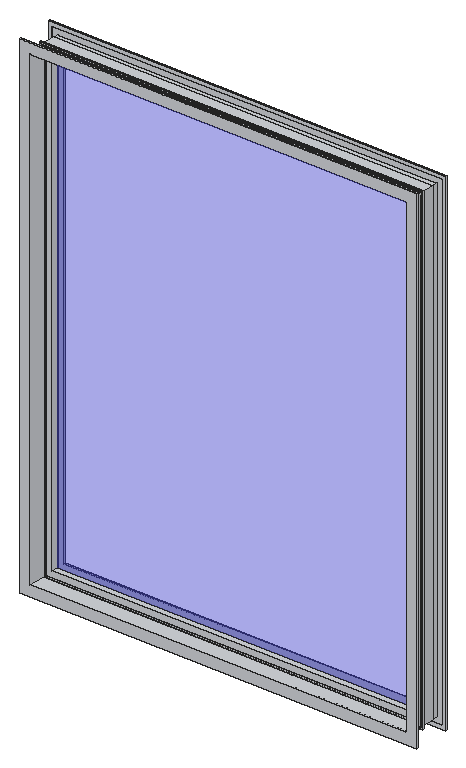
Revit family "1550_Fixed", category Windows, host Wall, Revit 2023
Family settings
  Host = Wall
  OmniClass Number = 23.30.20.00
  OmniClass Title = Windows
  Always vertical = Yes
  Cut with Voids When Loaded = No
  Shared = No
  Room Calculation Point = No
Parameters
  Height = 5' - 0"
  Glass Material = Glass
  Frame Material = none
  Depth From Exterior = 0' - 1"
  Default Sill Height = 3' - 0"
  Wall Closure = By host
  Width = 4' - 0"
Reference planes (in)
  plane 1 "Center (Front/Back)": y = 0
  plane 2: z = 0
  plane 3 "Center (Left/Right)": x = 0
  plane 4 "Left": x = -24
  plane 5 "Right": x = 24
  plane 6 "Sill": z = 36
  plane 7 "Top": z = 96
  plane 8: y = 3
  plane 9: y = 2
  plane 10: y = 0.277
  plane 11: y = -0.501
Forms (in)
  Sweep 1, solid
    path origin (0, 0, 0) x (1, 0, 0) y (0, 0, 1)
      loop
        line (24, 36) -> (24, 96) -> (-24, 96) -> (-24, 36) -> (24, 36)
    profile origin (0, 0, 36) x (0, 0, -1) y (0, -1, 0)
      loop
        line (-2.281, -1.5) -> (-1.25, -1.5) -> (-1.25, -2) -> (0, -2) -> (0, -1.826) -> (-0.376, -1.826) -> (-0.376, -1.875) -> (-1.125, -1.875) -> (-1.125, -1.24219) -> (-1.06267, -1.24219) -> (-1.06267, 0.21773) -> (-1.21109, 0.21773) -> (-1.2967, 0.32278) -> (-1.2967, 0.375) -> (-1.125, 0.375) -> (-1.125, 0.439) -> (-0.87, 0.439) -> (-0.87, 0.5905) -> (-0.932, 0.5905) -> (-0.932, 0.501) -> (-1.125, 0.501) -> (-1.125, 1.876) -> (-0.932, 1.876) -> (-0.932, 1.78589) -> (-0.87, 1.78589) -> (-0.87, 2.22261) -> (-1.125, 2.22261) -> (-1.125, 2.353) -> (-0.376, 2.353) -> (-0.376, 2.304) -> (0, 2.304) -> (0, 2.478) -> (-1.25, 2.478) -> (-1.25, 0.501) -> (-1.5, 0.501) -> (-1.5, -1.375) -> (-2.281, -1.375) -> (-2.281, -1.5)
  Sweep 2, solid
    path origin (0, 0, 0) x (1, 0, 0) y (0, 0, 1)
      loop
        line (-22.5, 37.5) -> (22.5, 37.5) -> (22.5, 94.5) -> (-22.5, 94.5) -> (-22.5, 37.5)
    profile origin (0, 0, 37.5) x (0, 0, 1) y (0, -1, 0)
      loop
        line (0.78093, 0.501) -> (0, 0.501) -> (0, -0.124) -> (0.36042, -0.124) -> (0.36042, -0.277) -> (0.78093, -0.277) -> (0.78093, 0.501)
  Sweep 3, solid, material "Glass" <- "Glass Material"
    path origin (0, 0, 0) x (0, 1, 0) y (0, 0, 1)
      loop
        line (1.375, 37.5) -> (1.375, 94.5)
    profile origin (0, 1.375, 66) x (0, -1, 0) y (1, 0, 0)
      loop
        line (0, -22.5) -> (0.25, -22.5) -> (0.25, 22.5) -> (0, 22.5) -> (0, -22.5)
      loop
        line (0.75, -22.5) -> (1, -22.5) -> (1, 22.5) -> (0.75, 22.5) -> (0.75, -22.5)
Lines and regions (in)
  Opening 1
    outline origin (-60, -3, 0) x (1, 0, 0) y (0, 0, 1)
      loop
        line (36, 96) -> (36, 36) -> (84, 36) -> (84, 96) -> (36, 96)
Text (in)
  text "EXTERIOR" at (-58.6888, 50.90694, 0), in view "Ref. Level"
  text "INTERIOR" at (-58.6888, -37.76638, 0), in view "Ref. Level"
  text "Exterior" at (0, 43.65631, 123.19604), in view "Left"
  text "Exterior" at (0, 18.29385, 125.04747), in view "Right"
Dimensions and locks (in)
  equal spacing: plane 4 "Left", plane 3 "Center (Left/Right)", plane 5 "Right"
  "Height": plane 6 "Sill" to plane 7 "Top"
  "Default Sill Height": plane 2 to plane 6 "Sill"
  "Width": plane 4 "Left" to plane 5 "Right"
  "Depth From Exterior": plane 8 to plane 9
  locked: plane 10 to plane 11 at 0.778
  locked: plane 9 to plane 11 at 2.501
  aligned and locked: plane 7 "Top" to Opening 1 sketch curve
  aligned and locked: plane 6 "Sill" to Opening 1 sketch curve  (x2)
  aligned and locked: plane 5 "Right" to Opening 1 sketch curve
  aligned and locked: plane 4 "Left" to Opening 1 sketch curve
  aligned and locked: level to plane 2
  aligned and locked: plane 6 "Sill" to Sweep 1 sketch curve
  aligned and locked: plane 4 "Left" to Sweep 1 sketch curve
  aligned and locked: Sweep 1 sketch curve to plane 7 "Top"
  aligned and locked: Sweep 1 sketch curve to plane 5 "Right"
  aligned and locked: Sweep 2 sketch curve to Sweep 1  (x4)
  aligned and locked: Sweep 3 sketch curve to Sweep 1  (x5)
  aligned and locked: plane 8 to host wall
  aligned and locked: plane 9 to Sweep 1
  aligned and locked: plane 11 to Sweep 2
  aligned and locked: plane 11 to Sweep 1
  aligned and locked: plane 10 to Sweep 2
Automatic sketch dimensions
  profile plane to Sweep 1 sketch curve = 0' - 1 1/2"
  Sweep 1 sketch curve to Sweep 1 sketch curve = 0' - 0.2033"
  Sweep 1 sketch curve to Sweep 1 sketch curve = 0' - 0.0467"
  Sweep 1 sketch curve to Sweep 1 sketch curve = 0' - 0 1/4"
  Sweep 1 sketch curve to Sweep 1 sketch curve = 0' - 0.08561"
  Sweep 1 sketch curve to Sweep 1 sketch curve = 0' - 0 1/8"  (x4)
  Sweep 1 sketch curve to Sweep 1 sketch curve = 0' - 0.1717"
  Sweep 1 sketch curve to Sweep 1 sketch curve = 0' - 0"
  Sweep 1 sketch curve to Sweep 1 sketch curve = 0' - 0.14842"
  Sweep 1 sketch curve to Sweep 1 sketch curve = 0' - 0.193"  (x2)
  Sweep 1 sketch curve to Sweep 1 sketch curve = 0' - 0.255"
  Sweep 1 sketch curve to Sweep 1 sketch curve = 0' - 0.062"  (x2)
  Sweep 1 sketch curve to Sweep 1 sketch curve = 0' - 0.749"
  Sweep 1 sketch curve to Sweep 1 sketch curve = 0' - 0.494"
  Sweep 1 sketch curve to Sweep 1 sketch curve = 0' - 0.376"  (x2)
  Sweep 1 sketch curve to plane 1 "Center (Front/Back)" = 0' - 2"
  Sweep 1 sketch curve to Sweep 1 sketch curve = 0' - 0.049"  (x2)
  Sweep 1 sketch curve to Sweep 1 sketch curve = 0' - 0 3/8"
  Sweep 1 sketch curve to Sweep 1 sketch curve = 0' - 0 33/128"
  Sweep 1 sketch curve to Sweep 1 sketch curve = 0' - 1.45993"
  Sweep 1 sketch curve to Sweep 1 sketch curve = 0' - 0.10505"
  Sweep 1 sketch curve to Sweep 1 sketch curve = 0' - 0.15727"
  Sweep 1 sketch curve to Sweep 1 sketch curve = 0' - 0.064"
  Sweep 1 sketch curve to Sweep 1 sketch curve = 0' - 0.126"
  Sweep 1 sketch curve to Sweep 1 sketch curve = 0' - 0.0895"
  Sweep 1 sketch curve to Sweep 1 sketch curve = 0' - 1.19539"
  Sweep 1 sketch curve to Sweep 1 sketch curve = 0' - 0.09011"
  Sweep 1 sketch curve to Sweep 1 sketch curve = 0' - 0.34661"
  Sweep 1 sketch curve to Sweep 1 sketch curve = 0' - 0.08139"
  Sweep 1 sketch curve to Sweep 1 sketch curve = 0' - 0.174"
  Sweep 1 sketch curve to Sweep 1 sketch curve = 0' - 0.781"
  profile plane to Sweep 2 sketch curve = 0' - 0"
  Sweep 2 sketch curve to Sweep 2 sketch curve = 0' - 0.36042"
  Sweep 2 sketch curve to Sweep 2 sketch curve = 0' - 0.42051"
  Sweep 2 sketch curve to plane 1 "Center (Front/Back)" = 0' - 0.277"
  Sweep 2 sketch curve to Sweep 2 sketch curve = 0' - 0.153"
  Sweep 2 sketch curve to Sweep 2 sketch curve = 0' - 0 5/8"
  Sweep 3 sketch curve to plane 6 "Sill" = 0' - 1 1/2"
  plane 7 "Top" to Sweep 3 sketch curve = 0' - 1 1/2"
  profile plane to Sweep 3 sketch curve = 0' - 0"
  Sweep 3 sketch curve to Sweep 3 sketch curve = 0' - 0 1/4"  (x2)
  Sweep 3 sketch curve to Sweep 3 sketch curve = 0' - 0 3/4"
